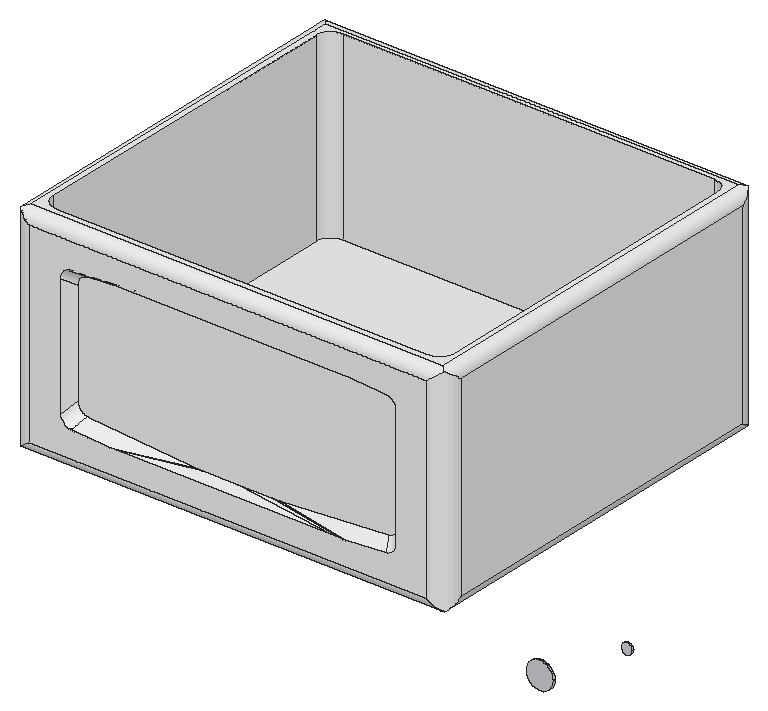
Revit family "Sink_Kitchen-Fire_Clay-DXV-Orchard-D20100000", category Plumbing Fixtures, Revit 2014
Parameters (values of type "D20100000.415")
  Width = 20"
  Waste Connection Radius = 5/8"
  Waste Connection Height = 20 1/4"
  Waste Connection Diameter = Waste Connection Radius * 2  # 1 1/4"
  Waste Connection = yes
  WFU = 2
  Vent Connection = no
  URL = "www.dxv.com"
  Type Comments = "Bottom sink rack and strainer included, commercial grade drain included"
  Product Page URL = "http://www.dxv.com/Product/Orchard--20-inches-Apron-Kitchen-Sink---"
  Product Documentation Link = "http://dxv.blob.core.windows.net/dxv-product-pdf-files/DXV_D20100000_Orchard_20in_kit_sink_spec_en.pdf"
  Price = "Prices may vary. Please consult Manufacturer Representative for most up-to-date price list."  # constant formula
  Model = "D20100000.415"
  Material = "Fire Clay-DXV-415-Canvas White"
  Manufacturer = "DXV"
  Length = 18"
  Installation Type = "Semi Counter Mounted"
  Hot Water Connection Width = 4"
  Hot Water Connection Radius = 1/4"
  Hot Water Connection Height = 22 3/4"
  Hot Water Connection Diameter = Hot Water Connection Radius * 2  # 1/2"
  Height = 10"
  HWFU = 1.5
  HW Connection = yes
  Description = "Apron Front Kitchen Sink Canvas White"
  Default Elevation = 34"
  Creation Date = "7/2/2014"  # constant formula
  Cold Water Connection Width = 4"
  Cold Water Connection Radius = 1/4"
  Cold Water Connection Height = Hot Water Connection Height  # 22 3/4"
  Cold Water Connection Diameter = Cold Water Connection Radius * 2  # 1/2"
  CWFU = 1.5
  CW Connection = yes
  Basin Shape = "Rectangle"
  Assembly Code = "D2010310"
Reference planes (in)
  plane 1 "Center (Front/Back)": y = 0
  plane 2: z = 0
  plane 3 "Center (Left/Right)": x = 0
  plane 4: y = -18
  plane 5: z = 10
  plane 6: x = 9.25005
  plane 7: x = -9.25005
  plane 8: y = -0.71575
  plane 9: y = -17.22175
  plane 10: x = -10
  plane 11: x = 10
  plane 12: y = -8.96875
  plane 13: y = -7.21875
  plane 14: y = -10.71875
  plane 15: z = -34
  plane 16: z = -11.25
  plane 17: z = -13.75
  plane 18: x = 4
  plane 19: x = -4
  plane 20: x = 1.75
  plane 21: x = -1.75
  plane 22: x = -7.90625
  plane 23: x = 7.90625
Forms (in)
  Extrusion 1, solid, material "Fire Clay-DXV-415-Canvas White"
    sketch origin (0, 0, 0) x (1, 0, 0) y (0, 1, 0)
      loop
        arc (-9.125, 0) -> (-9.74372, -0.25628) -> (-10, -0.875) r 0.875
        line (-10, -0.875) -> (-10, -17.1875)
        arc (-10, -17.1875) -> (-9.76202, -17.76202) -> (-9.1875, -18) r 0.8125
        line (-9.1875, -18) -> (9.125, -18)
        arc (9.125, -18) -> (9.74372, -17.74372) -> (10, -17.125) r 0.875
        line (10, -17.125) -> (10, -0.875)
        arc (10, -0.875) -> (9.74372, -0.25628) -> (9.125, 0) r 0.875
        line (9.125, 0) -> (-9.125, 0)
    from 0 to 10
  Extrusion 2, void
    sketch origin (0, 0, 1.5) x (1, 0, 0) y (0, 1, 0)
      loop
        arc (-8.53911, -0.71575) -> (-9.04182, -0.92398) -> (-9.25005, -1.42669) r 0.71094
        line (-9.25005, -1.42669) -> (-9.25005, -16.51081)
        arc (-9.25005, -16.51081) -> (-9.04182, -17.01352) -> (-8.53911, -17.22175) r 0.71094
        line (-8.53911, -17.22175) -> (8.53911, -17.22175)
        arc (8.53911, -17.22175) -> (9.04182, -17.01352) -> (9.25005, -16.51081) r 0.71094
        line (9.25005, -16.51081) -> (9.25005, -1.42669)
        arc (9.25005, -1.42669) -> (9.04182, -0.92398) -> (8.53911, -0.71575) r 0.71094
        line (8.53911, -0.71575) -> (-8.53911, -0.71575)
    from 0 to 8.5
  Extrusion 3, solid
    sketch origin (0, 0, 0) x (1, 0, 0) y (0, 0, 1)
      loop
        circle (-4, -11.25) r 0.25
      loop
        circle (4, -11.25) r 0.25
      loop
        circle (0, -13.75) r 0.625
    from 0 to 0.0625
  Revolve 4, void
    sketch origin (0, -8.96875, 10) x (1, 0, 0) y (0, 0, 1)
      loop
        line (0, -8.25) -> (0, -10) -> (1.75, -10) -> (2, -8.25) -> (0, -8.25)
      axis (0, -8.25) -> (0, -10)
    angle from 0 to 360
  Sweep 5, void
    path origin (0, 0, 0) x (1, 0, 0) y (0, 1, 0)
      loop
        line (-10, 0) -> (-10, -18) -> (10, -18) -> (10, 0) -> (-10, 0)
    profile origin (0, 0, 0) x (0, 1, 0) y (0, 0, 1)
      loop
        line (0, 10) -> (-0.5, 10)
        arc (-0.5, 10) -> (-0.14645, 9.85355) -> (0, 9.5) r 0.5
        line (0, 9.5) -> (0, 10)
      loop
        line (0, 0) -> (0, 0.5)
        arc (0, 0.5) -> (-0.14645, 0.14645) -> (-0.5, 0) r 0.5
        line (-0.5, 0) -> (0, 0)
  Blend 6, void
    base sketch origin (0, 0.4375, 10) x (1, 0, 0) y (0, 0, 1)
      loop
        arc (-7.40625, -1.5) -> (-7.7598, -1.64645) -> (-7.90625, -2) r 0.5
        line (-7.90625, -2) -> (-7.90625, -8)
        arc (-7.90625, -8) -> (-7.7598, -8.35355) -> (-7.40625, -8.5) r 0.5
        line (-7.40625, -8.5) -> (7.40625, -8.5)
        arc (7.40625, -8.5) -> (7.7598, -8.35355) -> (7.90625, -8) r 0.5
        line (7.90625, -8) -> (7.90625, -2)
        arc (7.90625, -2) -> (7.7598, -1.64645) -> (7.40625, -1.5) r 0.5
        line (7.40625, -1.5) -> (-7.40625, -1.5)
    top sketch origin (0, 0.4375, 10) x (1, 0, 0) y (0, 0, 1)
      loop
        line (0, -1.75) -> (-1.5754, -1.75)
        arc (-1.5754, -1.75) -> (-1.74989, -1.75305) -> (-1.92418, -1.76218) r 5
        line (-1.92418, -1.76218) -> (-6.92225, -2.11168)
        arc (-6.92225, -2.11168) -> (-7.25305, -2.26946) -> (-7.38737, -2.61046) r 0.5
        line (-7.38737, -2.61046) -> (-7.38737, -7.38954)
        arc (-7.38737, -7.38954) -> (-7.25305, -7.73054) -> (-6.92225, -7.88832) r 0.5
        line (-6.92225, -7.88832) -> (-1.92418, -8.23782)
        arc (-1.92418, -8.23782) -> (-1.74989, -8.24695) -> (-1.5754, -8.25) r 5
        line (-1.5754, -8.25) -> (0, -8.25) -> (1.5754, -8.25)
        arc (1.5754, -8.25) -> (1.74989, -8.24695) -> (1.92418, -8.23782) r 5
        line (1.92418, -8.23782) -> (6.92225, -7.88832)
        arc (6.92225, -7.88832) -> (7.25305, -7.73054) -> (7.38737, -7.38954) r 0.5
        line (7.38737, -7.38954) -> (7.38737, -2.61046)
        arc (7.38737, -2.61046) -> (7.25305, -2.26946) -> (6.92225, -2.11168) r 0.5
        line (6.92225, -2.11168) -> (1.92418, -1.76218)
        arc (1.92418, -1.76218) -> (1.74989, -1.75305) -> (1.5754, -1.75) r 5
        line (1.5754, -1.75) -> (0, -1.75)
    from 18.74753 to 17.875
  Extrusion 7, void
    sketch origin (0, 0, 0) x (1, 0, 0) y (0, 1, 0)
      loop
        line (9.29016, 0) -> (-9.28748, 0)
        arc (-9.28748, 0) -> (-9.79131, -0.20869) -> (-10, -0.71252) r 0.71252
        line (-10, -0.71252) -> (-10, -17.16254)
        arc (-10, -17.16254) -> (-9.75471, -17.75471) -> (-9.16254, -18) r 0.83746
        line (-9.16254, -18) -> (9.16444, -18)
        arc (9.16444, -18) -> (9.75527, -17.75527) -> (10, -17.16444) r 0.83556
        line (10, -17.16444) -> (10, -0.70984)
        arc (10, -0.70984) -> (9.79209, -0.20791) -> (9.29016, 0) r 0.70984
    from 0 to 10
Cuts and joins
  Extrusion 2, Revolve 4, Sweep 5, Blend 6 cuts Extrusion 1
Lines and regions (in)
  Masking region 1
    outline origin (0, 0, 0) x (1, 0, 0) y (0, 1, 0)
      loop
        arc (-9.28748, 0) -> (-9.79131, -0.20869) -> (-10, -0.71252) r 0.71252
        line (-10, -0.71252) -> (-10, -17.16254)
        arc (-10, -17.16254) -> (-9.75471, -17.75471) -> (-9.16254, -18) r 0.83746
        line (-9.16254, -18) -> (9.16444, -18)
        arc (9.16444, -18) -> (9.75527, -17.75527) -> (10, -17.16444) r 0.83556
        line (10, -17.16444) -> (10, -0.70984)
        arc (10, -0.70984) -> (9.79209, -0.20791) -> (9.29016, 0) r 0.70984
        line (9.29016, 0) -> (-9.28748, 0)
  symbolic lines, style "PlumbingFixtures", detail levels fine
    curve 1: line (-8.57664, -0.71575, 0) -> (8.57571, -0.71575, 0)
    curve 2: line (-9.25005, -16.54341, 0) -> (-9.25005, -1.38916, 0)
    curve 3: line (8.57075, -17.22175, 0) -> (-8.57171, -17.22175, 0)
    curve 4: line (9.25005, -1.39009, 0) -> (9.25005, -16.54245, 0)
    curve 5: arc (9.25005, -16.54245, 0) -> (9.05109, -17.02279, 0) -> (8.57075, -17.22175, 0) r 0.6793
    curve 6: arc (-8.57171, -17.22175, 0) -> (-9.05137, -17.02307, 0) -> (-9.25005, -16.54341, 0) r 0.67834
    curve 7: arc (-9.25005, -1.38916, 0) -> (-9.05281, -0.91299, 0) -> (-8.57664, -0.71575, 0) r 0.67341
    curve 8: arc (8.57571, -0.71575, 0) -> (9.05254, -0.91326, 0) -> (9.25005, -1.39009, 0) r 0.67434
    curve 11: arc (2, -8.96875, 0) -> (0, -10.96875, 0) -> (-2, -8.96875, 0) r 2
    curve 12: arc (-2, -8.96875, 0) -> (0, -6.96875, 0) -> (2, -8.96875, 0) r 2
  symbolic lines, style "PlumbingFixtures", detail levels medium+fine
    curve 9: arc (1.75, -8.96875, 0) -> (0, -7.21875, 0) -> (-1.75, -8.96875, 0) r 1.75
    curve 10: arc (-1.75, -8.96875, 0) -> (0, -10.71875, 0) -> (1.75, -8.96875, 0) r 1.75
Dimensions and locks (in)
  "Length": plane 4 to plane 1 "Center (Front/Back)"
  plane 8 to plane 9 = 16.506"
  plane 7 to plane 6 = 18.5001"  (x2)
  plane 13 to plane 14 = 3 1/2"
  "Default Elevation": level to plane 15
  "Waste Connection Height": plane 17 to plane 15
  "Hot Water Connection Height": plane 16 to plane 15
  "Hot Water Connection Width": plane 19 to plane 3 "Center (Left/Right)"
  "Cold Water Connection Width": plane 18 to plane 3 "Center (Left/Right)"
  plane 19 to plane 18 = 8"
  plane 3 "Center (Left/Right)" to plane 20 to plane 18 = 1 3/4", 2 1/4"
  "Width": plane 10 to plane 11
  "Height": plane 5 to level
Automatic sketch dimensions
  Extrusion 2 sketch curve to plane 7 = 0"
  plane 9 to Extrusion 2 sketch curve = 0"
  Extrusion 2 sketch curve to plane 8 = 0"
  Extrusion 2 sketch curve to plane 6 = 0"
  Extrusion 2 sketch curve to plane 7 = 91/128"  (x2)
  Extrusion 2 sketch curve to plane 6 = 91/128"  (x2)
  Extrusion 3 sketch curve to plane 16 = 0"  (x2)
  plane 19 to Extrusion 3 sketch curve = 0"
  Extrusion 3 sketch curve to plane 3 "Center (Left/Right)" = 0"
  Extrusion 3 sketch curve to plane 18 = 0"
  Extrusion 3 sketch curve to plane 17 = 0"
  Sweep 5 sketch curve to plane 4 = 0"
  Sweep 5 sketch curve to plane 10 = 0"
  Sweep 5 sketch curve to plane 11 = 0"
  plane 1 "Center (Front/Back)" to Sweep 5 sketch curve = 0"
  level to Sweep 5 sketch curve = 10"
  Sweep 5 sketch curve to profile plane = 0"  (x2)
  Sweep 5 sketch curve to Sweep 5 sketch curve = 1/2"  (x2)
  Sweep 5 sketch curve to Sweep 5 sketch curve = 9"
  Masking region 1 sketch curve to plane 10 = 0"
  Masking region 1 sketch curve to plane 4 = 0"
  plane 1 "Center (Front/Back)" to Masking region 1 sketch curve = 0"
  Masking region 1 sketch curve to plane 11 = 0"
  Masking region 1 sketch curve to plane 7 = 0.08751"
  plane 8 to Masking region 1 sketch curve = 0.00323"
  Masking region 1 sketch curve to plane 6 = 0.08561"
  plane 8 to Masking region 1 sketch curve = 0.00591"
  curve 2 to plane 7 = 0"
  curve 7 to plane 8 = 0"
  plane 9 to curve 6 = 0"
  curve 8 to plane 6 = 0"
  curve 7 to plane 22 = 0.67039"
  curve 6 to plane 22 = 0.66546"
  curve 5 to plane 23 = 0.6645"
  curve 8 to plane 23 = 0.66946"
  curve 9 to plane 12 = 0"
  curve 9 to plane 21 = 0"
  curve 9 to plane 3 "Center (Left/Right)" = 0"
  curve 9 to curve 11 = 0"  (x2)
  plane 21 to curve 12 = 1/4"
  Extrusion 1 sketch curve to plane 10 = 0"
  Extrusion 1 sketch curve to plane 4 = 0"
  plane 1 "Center (Front/Back)" to Extrusion 1 sketch curve = 0"
  Extrusion 1 sketch curve to plane 11 = 0"
  Extrusion 1 sketch curve to plane 7 = 0.12505"
  Extrusion 1 sketch curve to plane 9 = 0.03425"
  Extrusion 1 sketch curve to plane 6 = 0.12505"  (x2)
  Blend 6 sketch curve to plane 22 = 0"
  plane 23 to Blend 6 sketch curve = 0"
  plane 22 to Blend 6 sketch curve = 1/2"  (x2)
  Blend 6 sketch curve to Blend 6 sketch curve = 1/2"  (x4)
  Blend 6 sketch curve to plane 3 "Center (Left/Right)" = 0"  (x2)
  Blend 6 sketch curve to plane 21 = 0.1746"  (x2)
  plane 21 to Blend 6 sketch curve = 0.17418"  (x2)
  plane 22 to Blend 6 sketch curve = 1.01888"
  Blend 6 sketch curve to Blend 6 sketch curve = 0.03488"  (x4)
  Blend 6 sketch curve to plane 20 = 0.1746"  (x2)
  plane 20 to Blend 6 sketch curve = 0.17418"  (x2)
  plane 23 to Blend 6 sketch curve = 1.01888"  (x2)
  Blend 6 sketch curve to Blend 6 sketch curve = 0.46512"
  level to Blend 6 sketch curve = 2"
  Blend 6 sketch curve to Blend 6 sketch curve = 1.48782"  (x3)
  level to Blend 6 sketch curve = 3 1/4"
  Blend 6 sketch curve to Blend 6 sketch curve = 0"
  level to Blend 6 sketch curve = 2.61046"  (x2)
  Blend 6 sketch curve to plane 5 = 2"
  level to Blend 6 sketch curve = 1 3/4"
  Blend 6 sketch curve to plane 5 = 2.61046"  (x2)
  Revolve 4 sketch curve to plane 3 "Center (Left/Right)" = 0"  (x2)
  Revolve 4 sketch curve to level = 0"
  Revolve 4 sketch curve to plane 20 = 0"
  level to Revolve 4 sketch curve = 1 3/4"
  Revolve 4 sketch curve to Revolve 4 sketch curve = 1 3/4"
  plane 20 to Revolve 4 sketch curve = 1/4"
  Revolve 4 sketch curve to Revolve 4 sketch curve = 1"
  Extrusion 7 sketch curve to plane 10 = 0"
  plane 1 "Center (Front/Back)" to Extrusion 7 sketch curve = 0"
  Extrusion 7 sketch curve to plane 4 = 0"
  Extrusion 7 sketch curve to plane 11 = 0"
  plane 8 to Extrusion 7 sketch curve = 0.00323"
  Extrusion 7 sketch curve to plane 7 = 0.08751"
  Extrusion 7 sketch curve to plane 6 = 0.08561"
  plane 6 to Extrusion 7 sketch curve = 0.04011"
  radius of Extrusion 3 sketch curve = 1/4"  (x2)
  radius of Extrusion 3 sketch curve = 5/8"
Connectors (in)
  piping at (-4, 0, -11.25), diameter 0.5, driven by "Hot Water Connection Radius", driven by "HWFU"
    settings: on Extrusion 3, index 1, connector inside diameter 1/2", connector length 0", flow factor 0, pipe flow 0 GPM, pressure drop 0.00 psi, fitting loss kfactor 0, connector angle 0.00°, fixture units 1.5, engagement length 0", angle of deflection 0.00°, flow configuration 3, flow direction 1, fitting loss method 0, system type 19, joint type 0, gender type 0, connector reference index -1, connector utility 0, adjustable connector no, is connector primary yes, connector description "1/2\" HW Inlet"
  piping at (0, 0, -13.75), diameter 1.25, driven by "WFU"
    settings: on Extrusion 3, index 2, connector inside diameter 1 1/4", connector length 0", flow factor 0, pipe flow 0 GPM, pressure drop 0.00 psi, fitting loss kfactor 0, connector angle 0.00°, fixture units 2, engagement length 0", angle of deflection 0.00°, flow configuration 3, flow direction 2, fitting loss method 0, system type 16, joint type 0, gender type 0, connector reference index -1, connector utility 0, adjustable connector yes, is connector primary no, connector description "1 1/4\" O.D. Outlet"
  piping at (4, 0, -11.25), diameter 0.5, driven by "Cold Water Connection Radius", driven by "CWFU"
    settings: on Extrusion 3, index 3, connector inside diameter 1/2", connector length 0", flow factor 0, pipe flow 0 GPM, pressure drop 0.00 psi, fitting loss kfactor 0, connector angle 0.00°, fixture units 1.5, engagement length 0", angle of deflection 0.00°, flow configuration 3, flow direction 1, fitting loss method 0, system type 20, joint type 0, gender type 0, connector reference index -1, connector utility 0, adjustable connector no, is connector primary no, connector description "1/2\" CW Inlet"
